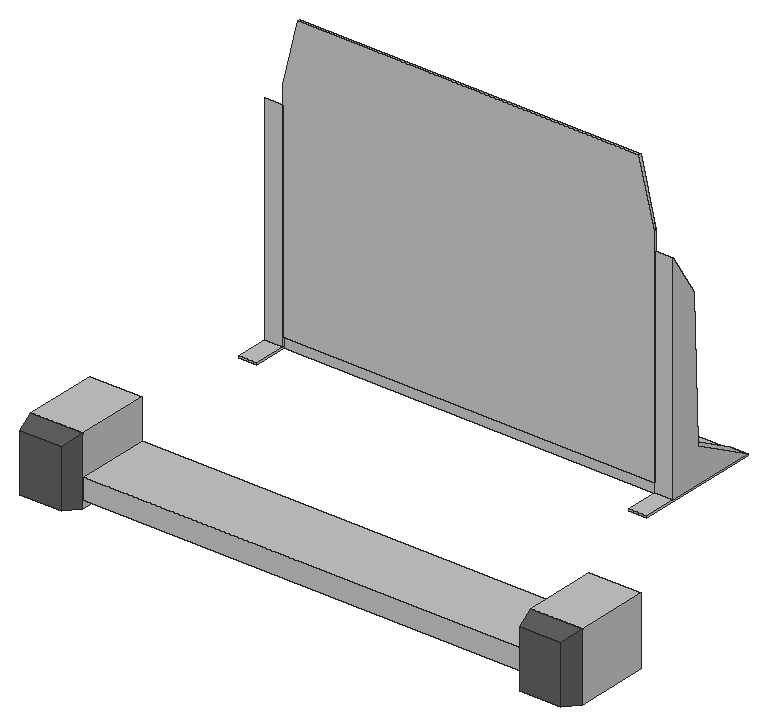
Revit family "Levelers_Serco_LoadHog", category Generic Models, host Floor, Revit 2026
Family settings
  Host = Floor
  Can host rebar = No
  Round Connector Dimension = Use Diameter
  Part Type = Normal
  Always vertical = Yes
  Cut with Voids When Loaded = No
  Maintain Annotation Orientation = No
  Shared = No
  Room Calculation Point = No
Parameters (values of type "6'")
  Width = 5' - 11 1/2"
  URL = "www.theloadhog.com"
  Model = "LoadHog"
  Manufacturer = "Entrematic"
  Description = "Vertical Stored Dock Board"
  Default Elevation = 0' - 0"
Types (4): name | Width
  (no name) | 5' - 11 1/2"
  6' | 5' - 11 1/2"
  6.5' | 6' - 5 1/2"
  7' | 6' - 11 1/4"
Reference planes (in)
  plane 1 "Center (Front/Back)": y = 0
  plane 2: z = 0
  plane 3 "Center (Left/Right)": x = 0
  plane 4 "Edge Of Dock": y = -60
  plane 5: y = -41.4375
  plane 6: x = -43
  plane 7: x = -53
  plane 8: x = 43
  plane 9: x = 53
  plane 10: z = -13
  plane 11: y = -74
  plane 12: z = -7.5
  plane 13: z = -11.5
  plane 14: x = -44
  plane 15: z = -1
  plane 16: z = -12
  plane 17: x = -52
  plane 18: y = -78
  plane 19: x = 44
  plane 20: z = -1
  plane 21: z = -12
  plane 22: x = 52
  plane 23: x = -39.25
  plane 24: x = -35.75
  plane 25: x = 39.25
  plane 26: x = 35.75
  plane 27: y = -17.1875
  plane 28: y = -35.1875
  plane 29: y = -34.8125
  plane 30: z = 2
  plane 31: z = 41.5
  plane 32: z = 45.5
  plane 33: z = 57.5
  plane 34: x = -32.75
  plane 35: x = 32.75
  plane 36: z = 0.375
  plane 37: z = 42
  plane 38: z = 34
  plane 39: y = -30.1875
  plane 40: y = -29.1875
  plane 41: z = 7
  plane 42: through (180, -17.1875, 0.375) normal (0, -0.4833, -0.8754)
  plane 43: through (180, -29.1875, 7) normal (0, -0.9993, -0.037)
  plane 44: through (180, -35.1875, 42) normal (0, 0.848, 0.53)
Forms (in)
  Extrusion 1, solid, material "Serco Gray"
    sketch origin (0, 0, 0) x (1, 0, 0) y (0, 0, 1)
      loop
        line (-53, 0) -> (-53, -13) -> (-43, -13) -> (-43, 0) -> (-53, 0)
      loop
        line (43, 0) -> (43, -13) -> (53, -13) -> (53, 0) -> (43, 0)
    from 60 to 74
  Extrusion 2, solid, material "Serco Diamond"
    sketch origin (0, 0, 0) x (1, 0, 0) y (0, 0, 1)
      loop
        line (-43, -7.5) -> (-43, -11.5) -> (43, -11.5) -> (43, -7.5) -> (-43, -7.5)
    from 60 to 74
  Blend 3, solid, material "Bumper"
    base sketch origin (0, 0, 0) x (1, 0, 0) y (0, 0, 1)
      loop
        line (-53, 0) -> (-53, -13) -> (-43, -13) -> (-43, 0) -> (-53, 0)
    top sketch origin (0, 0, 0) x (1, 0, 0) y (0, 0, 1)
      loop
        line (-52, -1) -> (-52, -12) -> (-44, -12) -> (-44, -1) -> (-52, -1)
    from 74 to 78
  Blend 4, solid, material "Bumper"
    base sketch origin (0, 0, 0) x (-1, 0, 0) y (0, 0, -1)
      loop
        line (-53, 0) -> (-43, 0) -> (-43, 13) -> (-53, 13) -> (-53, 0)
    top sketch origin (0, 0, 0) x (-1, 0, 0) y (0, 0, -1)
      loop
        line (-52, 1) -> (-44, 1) -> (-44, 12) -> (-52, 12) -> (-52, 1)
    from 74 to 78
  Extrusion 5, solid, material "Serco Gray"
    sketch origin (0, 0, 0) x (1, 0, 0) y (0, 1, 0)
      loop
        line (-39.25, -17.1875) -> (-39.25, -41.4375) -> (-35.75, -41.4375) -> (-35.75, -17.1875) -> (-39.25, -17.1875)
      loop
        line (35.75, -17.1875) -> (35.75, -41.4375) -> (39.25, -41.4375) -> (39.25, -17.1875) -> (35.75, -17.1875)
    from 0 to 0.375
  Extrusion 6, solid, material "Serco Diamond"
    sketch origin (0, 0, 0) x (0, 1, 0) y (0, 0, 1)
      loop
        line (-34.8125, 2) -> (-34.8125, 0) -> (-17.1875, 0) -> (-34.8125, 2)
    from -35.75 to 35.75
  Extrusion 7, solid, material "Serco Diamond"
    sketch origin (0, 0, 0) x (1, 0, 0) y (0, 0, 1)
      loop
        line (-35.75, 2) -> (35.75, 2) -> (35.75, 45.5) -> (32.75, 57.5) -> (-32.75, 57.5) -> (-35.75, 45.5) -> (-35.75, 2)
    from 34.8125 to 35.1875
  Extrusion 8, solid, material "Serco Gray"
    sketch origin (0, 0, 0) x (0, 1, 0) y (0, 0, 1)
      loop
        line (-17.1875, 0.375) -> (-29.1875, 7) -> (-30.1875, 34) -> (-35.1875, 42) -> (-35.1875, 0.375) -> (-17.1875, 0.375)
    from 35.75 to 39.25
  Extrusion 9, solid, material "Serco Gray"
    sketch origin (0, 0, 0) x (0, 1, 0) y (0, 0, -1)
      loop
        line (-17.1875, -0.375) -> (-35.1875, -0.375) -> (-35.1875, -42) -> (-30.1875, -34) -> (-29.1875, -7) -> (-17.1875, -0.375)
    from 35.75 to 39.25
Lines and regions (in)
  model lines
    curve 1: line (35.75, -34.8125, 41.5) -> (-35.75, -34.8125, 41.5)
    curve 2: line (-35.75, -34.8125, 41.5) -> (35.75, -34.8125, 41.5)
    curve 3: line (-35.75, -35.1875, 41.5) -> (35.75, -35.1875, 41.5)
Dimensions and locks (in)
  equal spacing: host sketch curve, plane 1 "Center (Front/Back)", host sketch curve
  equal spacing: host sketch curve, plane 3 "Center (Left/Right)", host sketch curve
  host sketch curve to host sketch curve = 10' - 0"  (x2)
  locked: plane 5 to plane 4 "Edge Of Dock" at 18.5625
  equal spacing: plane 8, plane 3 "Center (Left/Right)", plane 6, locked at 43 each
  locked: plane 8 to plane 6 at 86
  locked: plane 10 to plane 2 at 13
  locked: plane 9 to plane 8 at 10
  locked: plane 7 to plane 6 at 10
  Extrusion 1 sketch curve to Extrusion 1 sketch curve = 0' - 10"
  plane 11 to plane 4 "Edge Of Dock" = 1' - 2"
  locked: level to plane 12 at 7.5
  locked: plane 12 to plane 13 at 4
  plane 17 to Extrusion 1 = 0' - 1"
  Extrusion 1 to plane 14 = 0' - 1"
  plane 16 to Extrusion 1 = 0' - 1"
  Extrusion 1 to plane 15 = 0' - 1"
  locked: plane 11 to plane 18 at 4
  equal spacing: plane 24, plane 3 "Center (Left/Right)", plane 26
  "Width": plane 24 to plane 26
  locked: plane 26 to plane 25 at 3.5
  locked: plane 23 to plane 24 at 3.5
  locked: plane 27 to plane 5 at 24.25
  locked: plane 5 to plane 28 at 6.25
  locked: plane 28 to plane 29 at 0.375
  locked: plane 30 to plane 2 at 2
  plane 30 to plane 31 to plane 32 = 3' - 3 1/2" locked, 0' - 4" locked
  locked: plane 32 to plane 33 at 12
  locked: plane 24 to plane 34 at 3
  locked: plane 35 to plane 26 at 3
  locked: plane 36 to Extrusion 5 at 0.375
  locked: plane 37 to plane 38 at 8
  locked: plane 38 to level at 34
  plane 39 to plane 40 to plane 27 = 0' - 1" locked, 1' - 0" locked
  locked: plane 41 to level at 7
  locked: plane 42 to plane 30 (angle 28.9024°)
  locked: plane 40 to plane 43 (angle 2.1211°)
  locked: plane 44 to plane 37 (angle 57.9946°)
  aligned and locked: level to plane 2
  aligned and locked: plane 4 "Edge Of Dock" to host floor
  aligned and locked: Extrusion 1 sketch curve to level  (x2)
  aligned and locked: plane 7 to Extrusion 1 sketch curve
  aligned and locked: plane 10 to Extrusion 1 sketch curve  (x2)
  aligned and locked: Extrusion 1 sketch curve to plane 6
  aligned and locked: plane 8 to Extrusion 1 sketch curve
  aligned and locked: plane 4 "Edge Of Dock" to Extrusion 1
  aligned and locked: Extrusion 1 to plane 11
  aligned and locked: Extrusion 2 sketch curve to plane 12
  aligned and locked: plane 6 to Extrusion 2 sketch curve
  aligned and locked: plane 13 to Extrusion 2 sketch curve
  aligned and locked: Extrusion 2 sketch curve to plane 8
  aligned and locked: Extrusion 2 to plane 11
  aligned and locked: plane 4 "Edge Of Dock" to Extrusion 2
  aligned and locked: plane 7 to Blend 3 sketch curve
  aligned and locked: Blend 3 sketch curve to plane 15
  aligned and locked: Blend 3 sketch curve to plane 14
  aligned and locked: plane 16 to Blend 3 sketch curve
  aligned and locked: plane 17 to Blend 3 sketch curve
  aligned and locked: plane 11 to Blend 3
  aligned and locked: Blend 3 to plane 18
  aligned and locked: plane 20 to Blend 4 sketch curve
  aligned and locked: plane 19 to Blend 4 sketch curve
  aligned and locked: Blend 4 sketch curve to plane 21
  aligned and locked: Blend 4 sketch curve to plane 22
  aligned and locked: plane 11 to Blend 4
  aligned and locked: Blend 4 to plane 18
  aligned and locked: plane 8 to Blend 4
  aligned and locked: Extrusion 5 sketch curve to plane 27  (x2)
  aligned and locked: Extrusion 5 sketch curve to plane 23
  aligned and locked: plane 5 to Extrusion 5 sketch curve  (x2)
  aligned and locked: Extrusion 5 sketch curve to plane 24
  aligned and locked: Extrusion 5 sketch curve to plane 26
  aligned and locked: plane 25 to Extrusion 5 sketch curve
  aligned and locked: plane 29 to Extrusion 6 sketch curve
  aligned and locked: Extrusion 6 to plane 24
  aligned and locked: Extrusion 6 to plane 26
  aligned and locked: Extrusion 6 to plane 27
  aligned and locked: Extrusion 7 sketch curve to plane 30
  aligned and locked: Extrusion 7 sketch curve to plane 24
  aligned and locked: plane 26 to Extrusion 7 sketch curve
  aligned and locked: Extrusion 7 sketch curve to plane 33
  aligned and locked: Extrusion 7 sketch curve to plane 34
  aligned and locked: plane 35 to Extrusion 7 sketch curve
  aligned and locked: Extrusion 7 to plane 29
  aligned and locked: curve 1 to plane 31
  aligned and locked: curve 3 to plane 31
  aligned and locked: Extrusion 6 sketch curve to level
  aligned and locked: Extrusion 5 to level
  aligned and locked: Extrusion 5 to plane 36
  aligned and locked: Extrusion 7 to plane 28
  aligned and locked: Extrusion 8 to plane 25
  aligned and locked: plane 26 to Extrusion 8
  aligned and locked: plane 24 to Extrusion 9
  aligned and locked: Extrusion 9 to plane 23
  aligned and locked: plane 44 to Extrusion 9
  aligned and locked: Extrusion 9 to plane 28
  aligned and locked: Extrusion 9 to plane 43
  aligned and locked: Extrusion 9 to plane 42
  aligned and locked: Extrusion 9 to plane 36
  aligned and locked: Extrusion 8 to plane 36  (x2)
  aligned and locked: Extrusion 8 to plane 28
  aligned and locked: Extrusion 8 to plane 44
  aligned and locked: Extrusion 8 to plane 43
  aligned and locked: Extrusion 8 to plane 42
  aligned and locked: Blend 3 to Blend 4
Automatic sketch dimensions
  Blend 4 sketch curve to plane 9 = 0' - 0"
  Blend 4 sketch curve to plane 8 = 0' - 0"
  Blend 4 sketch curve to plane 10 = 0' - 0"
  Blend 4 sketch curve to level = 0' - 0"
  Extrusion 6 sketch curve to plane 27 = 0' - 0"
  Extrusion 6 sketch curve to plane 30 = 0' - 0"
  Extrusion 7 sketch curve to plane 32 = 0' - 0"  (x2)
  curve 1 to plane 24 = 0' - 0"
  plane 26 to curve 2 = 0' - 0"
  curve 3 to plane 24 = 0' - 0"
  plane 26 to curve 3 = 0' - 0"
  Extrusion 9 sketch curve to plane 28 = 0' - 0"
  Extrusion 9 sketch curve to plane 38 = 0' - 0"
  Extrusion 9 sketch curve to plane 39 = 0' - 0"
  Extrusion 9 sketch curve to plane 40 = 0' - 0"
  Extrusion 9 sketch curve to plane 27 = 0' - 0"
  Extrusion 9 sketch curve to plane 37 = 0' - 0"
  Extrusion 9 sketch curve to plane 41 = 0' - 0"
  Extrusion 9 sketch curve to plane 36 = 0' - 0"
  Extrusion 8 sketch curve to plane 38 = 0' - 0"
  Extrusion 8 sketch curve to plane 37 = 0' - 0"
  Extrusion 8 sketch curve to plane 28 = 0' - 0"
  Extrusion 8 sketch curve to plane 27 = 0' - 0"
  Extrusion 8 sketch curve to plane 40 = 0' - 0"
  Extrusion 8 sketch curve to plane 36 = 0' - 0"
  Extrusion 8 sketch curve to plane 39 = 0' - 0"
  Extrusion 8 sketch curve to plane 41 = 0' - 0"
  Blend 3 sketch curve to plane 6 = 0' - 0"
  Blend 3 sketch curve to plane 10 = 0' - 0"
  Blend 3 sketch curve to level = 0' - 0"
